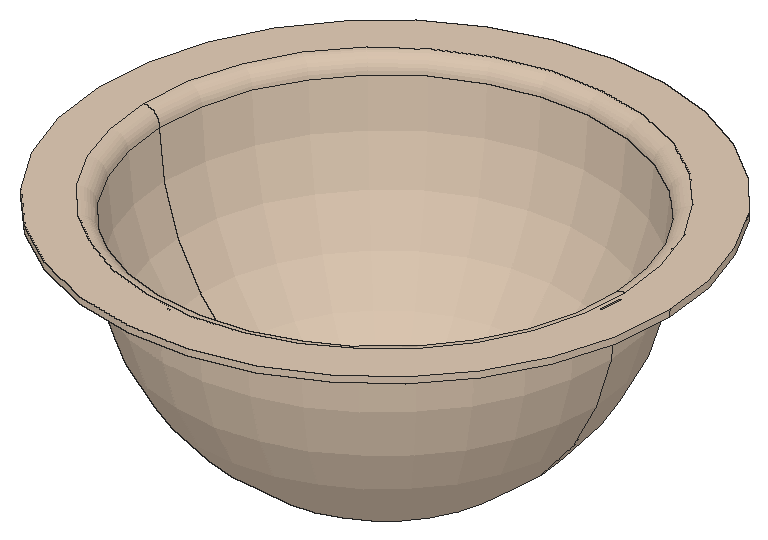
Revit family "equip-sink-undr-elkay-single-lustertone-ELUH9-CU", category Plumbing Fixtures, Revit 2019
Family settings
  Round Connector Dimension = Use Radius
  Part Type = Normal
  OmniClass Number = 23.45.05.14.14.27
  OmniClass Title = Service Sinks
  Work Plane-Based = No
  Always vertical = Yes
  Cut with Voids When Loaded = No
  Shared = No
  Room Calculation Point = No
Parameters
  URL = "www.elkayusa.com"
  Specification Sheet URL = "http://www.elkayusa.com/cps/rde/xbcr/elkay/1-457.pdf"
  Sink Width = 0' - 11 3/8"  # constant formula
  Sink Material = Metal - Copper
  Sink Length = 0' - 11 3/8"  # constant formula
  Sink Ledge Width = 0' - 1 3/16"  # constant formula
  Sink Depth = 0' - 4 3/4"  # constant formula
  Sanitary Flow Rate = 10 GPM
  OmniClass Title = "Service Sinks"
  OmniClass Number = "23.45.05.14.14.27"
  Nominal Radius = Nominal Dia / 2  # 0' - 0 3/4"
  Nominal Dia = 0' - 1 1/2"
  Model = "ELUH9-CU"  # constant formula
  MasterFormat Title = "Commercial Sinks"
  MasterFormat Number = "22.42.16.16"
  Manufacturer = "Elkay Manufacturing"  # constant formula
  Installation Sheet URL = ""
  Drain Location = Sink Width / 2  # 0' - 5 11/16"
  Description = "Lustertone Sink"  # constant formula
  Date Created = "2012-02-24"
  Bowl Width = Sink Width - (Sink Ledge Width * 2)  # 0' - 9"
  Bowl Length = Sink Length - (Sink Ledge Width * 2)  # 0' - 9"
  Assembly Code = "D2010440"
Reference planes (in)
  plane 1 "CL Sink Hole": y = 0.28063
  plane 2 "Top": z = 0
  plane 3 "Center (Left/Right)": x = 0
  plane 4: y = -0.71937
  plane 5 "Bottom Sink Top Face": z = -4.75
  plane 6: z = -0.0625
  plane 7: z = -0.12119
  plane 8: z = -6.0625
  plane 9: z = -1.98057
  plane 10: z = -1.61782
  plane 11: z = -5.18647
  plane 12 "Overflow Middle of Horizontal at Drain": z = -5.90522
  plane 13: z = -2.43315
  plane 14: z = -0.93315
  plane 15 "Masking Region": z = 1.25
  plane 16 "New Center": y = 0.28063
  plane 17 "Center (Front/Back)": y = 0.28063
  plane 18 "Back": y = 5.96813
  plane 19 "Front": y = -5.40687
  plane 20 "Right": x = 5.6875
  plane 21 "Left": x = -5.6875
Forms (in)
  Sweep 1, solid, material "Metal - Copper" <- "Sink Material"
    path origin (0, 0, -4.75) x (-1, 0, 0) y (0, -1, 0)
      loop
        circle (0, -0.28063) r 0.84
    profile origin (0, -0.55937, -4.75) x (0, 1, 0) y (0, 0, 1)
      loop
        line (0, -0.398) -> (-0.10022, -0.398)
        arc (-0.10022, -0.398) -> (-0.12446, -0.39311) -> (-0.14491, -0.37919) r 0.0625
        line (-0.14491, -0.37919) -> (-0.45181, -0.06528)
        arc (-0.45181, -0.06528) -> (-0.52878, -0.01893) -> (-0.61716, -0.00278) r 0.25
        line (-0.61716, -0.00278) -> (-0.61716, -0.04966)
        arc (-0.61716, -0.04966) -> (-0.54612, -0.06249) -> (-0.48405, -0.09936) r 0.20313
        line (-0.48405, -0.09936) -> (-0.17843, -0.41196)
        arc (-0.17843, -0.41196) -> (-0.14265, -0.43631) -> (-0.10022, -0.44488) r 0.10938
        line (-0.10022, -0.44488) -> (0, -0.44488) -> (0, -0.398)
  Sweep 2, solid, material "Metal - Copper" <- "Sink Material"
    path origin (0, 0.46875, 0) x (1, 0, 0) y (0, 1, 0)
      loop
        circle (0, -0.18812) r 5.6875
    profile origin (0, 5.96813, 0) x (0, -1, 0) y (0, 0, 1)
      loop
        line (0, 0) -> (0, -0.125) -> (0.87366, -0.125)
        arc (0.87366, -0.125) -> (1.00668, -0.18036) -> (1.06116, -0.31374) r 0.1875
        arc (1.06116, -0.31374) -> (1.92149, -3.09897) -> (4.22656, -4.88343) r 4.83509
        line (4.22656, -4.88343) -> (4.22656, -4.75)
        arc (4.22656, -4.75) -> (2.01117, -3.00882) -> (1.18616, -0.31457) r 4.71009
        arc (1.18616, -0.31457) -> (1.09536, -0.09226) -> (0.87366, 0) r 0.3125
        line (0.87366, 0) -> (0, 0)
  Extrusion 3, solid, material "Glass", not visible
    sketch origin (0, 0, -5.90522) x (0, 1, 0) y (-1, 0, 0)
      loop
        circle (0.28063, 0) r 0.75
    from 0 to 0.71875
Lines and regions (in)
  Masking region 1
    outline origin (0, 0, 1.25) x (0, -1, 0) y (1, 0, 0)
      loop
        circle (-0.28063, 0) r 4.3125
  Masking region 2
    outline origin (0, 0, 0) x (1, 0, 0) y (0, 1, 0)
      loop
        circle (0, 0.28063) r 4.5
      loop
        circle (0, 0.28063) r 4.3125
  reference lines, not visible
    curve 1: circle (0, 0.28063, 0) r 0.84 normal (0, 0, 1)
    curve 2: circle (0, 0.28063, 0) r 1.45716 normal (0, 0, 1)
    curve 5: circle (0, 0.28063, -5.90522) r 0.75 normal (0, 0, 1)
  symbolic lines, style "Sinks"
    curve 3: circle (0, 0.28063, 1.25) r 0.84 normal (0, 0, 1)
    curve 4: circle (0, 0.28063, 1.25) r 1.45716 normal (0, 0, 1)
Dimensions and locks (in)
  locked: plane 1 "CL Sink Hole" to plane 4 at 1
  locked: plane 12 "Overflow Middle of Horizontal at Drain" to plane 11 at 0.71875
  locked: plane 10 to plane 13 at 0.81533
  locked: plane 14 to plane 13 at 1.5
  locked: plane 15 "Masking Region" to plane 2 "Top" at 1.25
  locked: plane 2 "Top" to plane 6 at 0.0625
  locked: plane 2 "Top" to plane 7 at 0.12119
  locked: plane 2 "Top" to plane 14 at 0.93315
  locked: plane 2 "Top" to plane 9 at 1.98057
  locked: plane 2 "Top" to plane 5 "Bottom Sink Top Face" at 4.75
  plane 5 "Bottom Sink Top Face" to plane 8 = 0' - 1 5/16"
  locked: plane 5 "Bottom Sink Top Face" to plane 11 at 0.43647
  locked: plane 17 "Center (Front/Back)" to plane 1 "CL Sink Hole"
  equal spacing: plane 21 "Left", plane 3 "Center (Left/Right)", plane 20 "Right"
  equal spacing: plane 18 "Back", plane 17 "Center (Front/Back)", plane 19 "Front"
  plane 21 "Left" to plane 20 "Right" = 0' - 11 3/8"
  locked: plane 18 "Back" to plane 19 "Front" at 11.375
  "Nominal Radius": radius of curve 5
  radius of curve 4 = 0' - 1.45716"
  aligned and locked: Extrusion 3 sketch curve to curve 5
  aligned and locked: Extrusion 3 to plane 12 "Overflow Middle of Horizontal at Drain"
  aligned and locked: Extrusion 3 to plane 11
Automatic sketch dimensions
  Sweep 1 sketch curve to Sweep 1 sketch curve = 0' - 0"  (x4)
  Sweep 1 sketch curve to profile plane = 0' - 0"
  profile plane to Sweep 1 sketch curve = 0' - 0.10022"
  Sweep 1 sketch curve to Sweep 1 sketch curve = 0' - 0.04469"
  Sweep 1 sketch curve to Sweep 1 sketch curve = 0' - 0.03352"
  Sweep 1 sketch curve to plane 5 "Bottom Sink Top Face" = 0' - 0.06528"
  Sweep 1 sketch curve to Sweep 1 sketch curve = 0' - 0.30689"
  Sweep 1 sketch curve to plane 5 "Bottom Sink Top Face" = 0' - 0.09936"
  Sweep 1 sketch curve to Sweep 1 sketch curve = 0' - 0.03224"
  Sweep 1 sketch curve to plane 5 "Bottom Sink Top Face" = 0' - 0.00278"
  Sweep 1 sketch curve to Sweep 1 sketch curve = 0' - 0.13312"
  Sweep 1 sketch curve to plane 5 "Bottom Sink Top Face" = 0' - 0.3355"
  Sweep 1 sketch curve to Sweep 1 sketch curve = 0' - 0.04369"
  Sweep 1 sketch curve to Sweep 1 sketch curve = 0' - 0.03277"
  plane 1 "CL Sink Hole" to curve 4 = 0' - 0"
  curve 4 to plane 3 "Center (Left/Right)" = 0' - 0"
  curve 3 to curve 4 = 0' - 0"  (x2)
  plane 1 "CL Sink Hole" to Sweep 1 sketch curve = 0' - 0"
  Sweep 1 sketch curve to plane 3 "Center (Left/Right)" = 0' - 0"
  curve 1 to curve 2 = 0' - 0"  (x2)
  plane 1 "CL Sink Hole" to curve 2 = 0' - 0"
  curve 2 to plane 3 "Center (Left/Right)" = 0' - 0"
  plane 1 "CL Sink Hole" to curve 5 = 0' - 0"
  curve 5 to plane 3 "Center (Left/Right)" = 0' - 0"
  Sweep 2 sketch curve to plane 3 "Center (Left/Right)" = 0' - 0"
  Sweep 2 sketch curve to plane 16 "New Center" = 0' - 0"
  plane 1 "CL Sink Hole" to Masking region 2 sketch curve = 0' - 0"
  Masking region 2 sketch curve to plane 3 "Center (Left/Right)" = 0' - 0"
  Sweep 2 sketch curve to profile plane = 0' - 0"
  level to Sweep 2 sketch curve = 0' - 0"
  Sweep 2 sketch curve to profile plane = 0' - 0.87366"
  Sweep 2 sketch curve to Sweep 2 sketch curve = 0' - 0 5/16"
  Sweep 2 sketch curve to Sweep 2 sketch curve = 0' - 0"  (x5)
  Sweep 2 sketch curve to profile plane = 0' - 4 29/128"
  Sweep 2 sketch curve to level = 0' - 0.34574"
  Sweep 2 sketch curve to Sweep 2 sketch curve = 0' - 0 1/8"  (x2)
  Sweep 2 sketch curve to Sweep 2 sketch curve = 0' - 0.13343"
  Masking region 2 sketch curve to Masking region 2 sketch curve = 0' - 0"  (x2)
  plane 1 "CL Sink Hole" to Masking region 1 sketch curve = 0' - 0"
  Masking region 1 sketch curve to plane 3 "Center (Left/Right)" = 0' - 0"
  radius of curve 4 = 0' - 1.45716"
  radius of curve 3 = 0' - 0.84"
  radius of Sweep 1 sketch curve = 0' - 0.84"
  radius of curve 1 = 0' - 0.84"
  radius of curve 2 = 0' - 1.45716"
  radius of Sweep 2 sketch curve = 0' - 5 11/16"
  radius of Masking region 2 sketch curve = 0' - 4 1/2"
  radius of Masking region 2 sketch curve = 0' - 4 5/16"
  radius of Masking region 1 sketch curve = 0' - 4 5/16"
Connectors (in)
  piping at (0, 0.28063, -5.18647), diameter 1.5, driven by "Nominal Radius", driven by "Sanitary Flow Rate"
    settings: on Extrusion 3, index 1, connector inside diameter 1 1/2", connector length 0' - 0", flow factor 0, pipe flow 10 GPM, pressure drop 0.00 psi, fitting loss kfactor 0, connector angle 0.00°, fixture units 0, engagement length 0' - 0", angle of deflection 0.00°, flow configuration 1, flow direction 2, fitting loss method 0, system type 16, joint type 0, gender type 0, connector reference index -1, connector utility 0, adjustable connector yes, is connector primary yes, connector description "Sink Drain"
